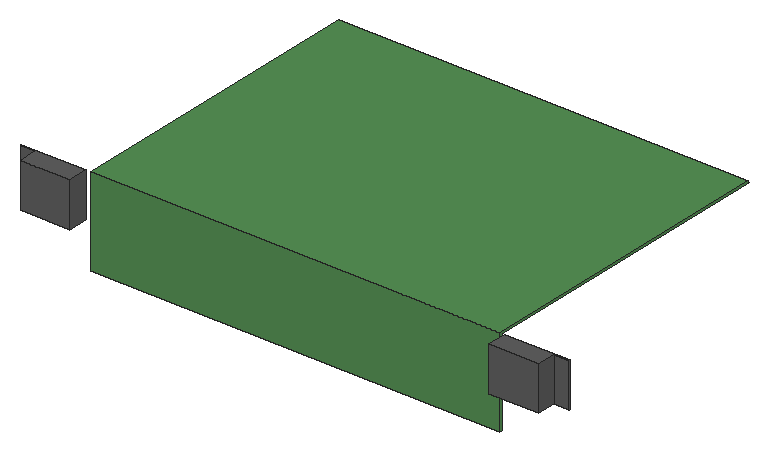
Revit family "CM", category Specialty Equipment, host Floor, Revit 2015
Parameters (values of type "7x6")
  URL = "http://kelleyentrematic.com/"
  Model = "CM"
  Manufacturer = "Kelley Entrematic"
  Description = "Mechanical Leveler"
  LipExtension = 0' - 0"
  PitWidth = 7' - 1"
  PitLength = 5' - 3"
  PitDepthR = PitDepth - 0' 0 1/2"  # 1' - 7 1/2"
  PitDepth = 1' - 8"
  LipLength = 1' - 6"
  Curb = 0' - 3"
Types (9): name | PitWidth | PitLength | PitDepthR | PitDepth
  6x6 | 6' - 1" | 5' - 3" | 1' - 7 1/2" | 1' - 8"
  6x8 | 6' - 1" | 7' - 3" | 1' - 7 1/2" | 1' - 8"
  6.5x6 | 6' - 7" | 5' - 3" | 1' - 7 1/2" | 1' - 8"
  6.5x8 | 6' - 7" | 7' - 3" | 1' - 7 1/2" | 1' - 8"
  7x6 | 7' - 1" | 5' - 3" | 1' - 7 1/2" | 1' - 8"
  7x8 | 7' - 1" | 7' - 3" | 1' - 7 1/2" | 1' - 8"
  6x10 | 6' - 1" | 9' - 3" | 1' - 11 1/2" | 2' - 0"
  6.5x10 | 6' - 7" | 9' - 3" | 1' - 11 1/2" | 2' - 0"
  7x10 | 7' - 1" | 9' - 3" | 1' - 11 1/2" | 2' - 0"
Reference planes (in)
  plane 1 "Center (Front/Back)": y = 0
  plane 2: z = 0
  plane 3 "Center (Left/Right)": x = 0
  plane 4 "Lip Width": y = -59.5
  plane 5 "pit right": x = 42.5
  plane 6 "Pit left": x = -42.5
  plane 7 "pit rear": y = 3
  plane 8 "curb angle left": x = -45.5
  plane 9: x = -41.5
  plane 10 "curb angle right": x = 45.5
  plane 11: x = 41.5
  plane 12 "curb angle rear": y = 6
  plane 13 "Curb angle - Front": y = -57
  plane 14 "Edge of Dock": y = -60
  plane 15: z = -0.5
  plane 16: z = -19.5
  plane 17: z = -20
  plane 18: y = -9
  plane 19: y = -48
  plane 20 "Lip Length": z = -18
  plane 21: x = 63.5
  plane 22: x = -63.5
  plane 23: z = -3
  plane 24: z = -23
  plane 25: z = 0
  plane 26: z = 0
  plane 27: x = -55.625
  plane 28: y = -60.25
  plane 29: x = -52.625
  plane 30: y = -64
  plane 31: x = 55.625
  plane 32: x = 52.625
  plane 33: z = -9
Forms (in)
  Extrusion 1, void
    sketch origin (0, 0, 0) x (0, 1, 0) y (0, 0, 1)
      loop
        line (3, 4) -> (-60, 4) -> (-60, -20) -> (-48, -20) -> (-9, -19.5) -> (3, -19.5) -> (3, 4)
    from -42.5 to 42.5
  Extrusion 2, solid, material "Kelly Diamond"
    sketch origin (0, 0, 0) x (1, 0, 0) y (0, 1, 0)
      loop
        line (-41.5, 3) -> (-41.5, -60) -> (41.5, -60) -> (41.5, 3) -> (-41.5, 3)
    from -0.5 to 0
  Extrusion 3, solid, material "Kelly Diamond"
    sketch origin (0, 0, 0) x (1, 0, 0) y (0, 0, 1)
      loop
        line (-41.5, 0) -> (-41.5, -18) -> (41.5, -18) -> (41.5, 0) -> (-41.5, 0)
    from 59.5 to 60
  Extrusion 4, solid, material "BUMPER"
    sketch origin (0, 0, 0) x (-1, 0, 0) y (0, -1, 0)
      loop
        line (42.5, 60) -> (55.625, 60) -> (55.625, 60.25) -> (52.625, 60.25) -> (52.625, 64) -> (42.5, 64) -> (42.5, 60)
      loop
        line (-42.5, 60) -> (-42.5, 64) -> (-52.625, 64) -> (-52.625, 60.25) -> (-55.625, 60.25) -> (-55.625, 60) -> (-42.5, 60)
    from -9 to 0
Cuts and joins
  joined: Extrusion 2, Extrusion 3
Lines and regions (in)
  model lines
    curve 1: line (-45.5, 6, 0) -> (45.5, 6, 0)
    curve 2: line (45.5, 6, 0) -> (45.5, 3, 0)
    curve 3: line (45.5, 3, 0) -> (-45.5, 3, 0)
    curve 4: line (-45.5, 3, 0) -> (-45.5, 6, 0)
    curve 5: line (-45.5, 3, 0) -> (-45.5, -57, 0)
    curve 6: line (-42.5, -57, 0) -> (-42.5, 3, 0)
    curve 7: line (-42.5, -57, 0) -> (-63.5, -57, 0)
    curve 8: line (-63.5, -57, 0) -> (-63.5, -60, 0)
    curve 9: line (-63.5, -60, 0) -> (-42.5, -60, 0)
    curve 10: line (45.5, 3, 0) -> (45.5, -57, 0)
    curve 11: line (42.5, -57, 0) -> (42.5, 3, 0)
    curve 12: line (42.5, -60, 0) -> (63.5, -60, 0)
    curve 13: line (63.5, -60, 0) -> (63.5, -57, 0)
    curve 14: line (63.5, -57, 0) -> (42.5, -57, 0)
    curve 15: line (-63.5, -60, 0) -> (-63.5, -60, -3)
    curve 16: line (-63.5, -60, -3) -> (-42.5, -60, -3)
    curve 17: line (-42.5, -60, -3) -> (-42.5, -60, 0)
    curve 18: line (-45.5, -60, -3) -> (-45.5, -60, -23)
    curve 19: line (-45.5, -60, -20) -> (-42.5, -60, -20)
    curve 20: line (-45.5, -60, -23) -> (45.5, -60, -23)
    curve 21: line (45.5, -60, -23) -> (45.5, -60, -3)
    curve 22: line (42.5, -60, -20) -> (45.5, -60, -20)
    curve 23: line (42.5, -60, -20) -> (42.5, -60, 0)
    curve 24: line (42.5, -60, -3) -> (63.5, -60, -3)
    curve 25: line (63.5, -60, -3) -> (63.5, -60, 0)
    curve 26: line (-42.5, -60, -3) -> (-42.5, -60, -20)
    curve 27: line (-42.5, -60, -20) -> (42.5, -60, -20)
    curve 28: line (-42.5, -57, 0) -> (-42.5, -60, 0)
    curve 29: line (42.5, -57, 0) -> (42.5, -60, 0)
Dimensions and locks (in)
  equal spacing: host sketch curve, plane 1 "Center (Front/Back)", host sketch curve
  equal spacing: host sketch curve, plane 3 "Center (Left/Right)", host sketch curve
  host sketch curve to host sketch curve = 10' - 0"  (x2)
  equal spacing: plane 6 "Pit left", plane 3 "Center (Left/Right)", plane 5 "pit right"
  "PitWidth": plane 6 "Pit left" to plane 5 "pit right"
  "PitLength": plane 14 "Edge of Dock" to plane 7 "pit rear"
  "Curb": plane 8 "curb angle left" to plane 6 "Pit left"
  locked: plane 6 "Pit left" to plane 9 at 1
  locked: plane 11 to plane 5 "pit right" at 1
  "Curb": plane 5 "pit right" to plane 10 "curb angle right"
  "Curb": plane 7 "pit rear" to plane 12 "curb angle rear"
  "Curb": plane 14 "Edge of Dock" to plane 13 "Curb angle - Front"
  "PitDepthR": level to plane 16
  "PitDepth": level to plane 17
  locked: plane 7 "pit rear" to plane 18 at 12
  locked: plane 19 to plane 14 "Edge of Dock" at 12
  "LipLength": level to plane 20 "Lip Length"
  locked: plane 22 to plane 6 "Pit left" at 21
  locked: plane 5 "pit right" to plane 21 at 21
  "LipExtension": plane 26 to level
  locked: plane 24 to plane 17 at 3
  locked: level to plane 15 at 0.5
  locked: plane 14 "Edge of Dock" to plane 4 "Lip Width" at 0.5
  Extrusion 1 to curve 20 = 2' - 3"
  locked: plane 29 to plane 6 "Pit left" at 10.125
  locked: plane 27 to plane 6 "Pit left" at 13.125
  locked: curve 9 to plane 28 at 0.25
  locked: plane 30 to curve 9 at 4
  locked: plane 5 "pit right" to plane 32 at 10.125
  locked: plane 5 "pit right" to plane 31 at 13.125
  locked: level to plane 33 at 9
  aligned and locked: level to plane 2
  aligned and locked: plane 14 "Edge of Dock" to host floor
  aligned and locked: plane 19 to Extrusion 1 sketch curve
  aligned and locked: plane 16 to Extrusion 1 sketch curve
  aligned and locked: Extrusion 1 sketch curve to plane 18
  aligned and locked: plane 17 to Extrusion 1 sketch curve
  aligned and locked: Extrusion 1 sketch curve to plane 14 "Edge of Dock"
  aligned and locked: Extrusion 1 to plane 6 "Pit left"
  aligned and locked: Extrusion 1 to plane 5 "pit right"
  aligned and locked: plane 7 "pit rear" to Extrusion 2 sketch curve
  aligned and locked: Extrusion 2 sketch curve to plane 9
  aligned and locked: Extrusion 2 sketch curve to plane 14 "Edge of Dock"
  aligned and locked: Extrusion 2 to plane 15
  aligned and locked: level to Extrusion 2
  aligned and locked: plane 20 "Lip Length" to Extrusion 3 sketch curve
  aligned and locked: Extrusion 3 sketch curve to plane 11
  aligned and locked: Extrusion 3 to plane 14 "Edge of Dock"
  aligned and locked: Extrusion 3 to plane 4 "Lip Width"
  aligned and locked: Extrusion 2 sketch curve to plane 11
  aligned and locked: curve 7 to plane 13 "Curb angle - Front"
  aligned and locked: curve 8 to plane 22
  aligned and locked: curve 5 to plane 8 "curb angle left"
  aligned and locked: plane 6 "Pit left" to curve 6
  aligned and locked: curve 3 to plane 7 "pit rear"
  aligned and locked: plane 12 "curb angle rear" to curve 1
  aligned and locked: curve 2 to plane 10 "curb angle right"
  aligned and locked: plane 5 "pit right" to curve 11
  aligned and locked: curve 10 to plane 10 "curb angle right"
  aligned and locked: curve 14 to plane 13 "Curb angle - Front"
  aligned and locked: plane 14 "Edge of Dock" to curve 12
  aligned and locked: curve 13 to plane 21
  aligned and locked: plane 24 to curve 18
  aligned and locked: curve 16 to plane 23
  aligned and locked: curve 15 to plane 22
  aligned and locked: plane 6 "Pit left" to curve 17
  aligned and locked: curve 22 to plane 5 "pit right"
  aligned and locked: curve 21 to plane 10 "curb angle right"
  aligned and locked: curve 22 to plane 17
  aligned and locked: curve 25 to plane 21
  aligned and locked: curve 19 to curve 27
  aligned and locked: curve 9 to plane 14 "Edge of Dock"
  aligned and locked: plane 26 to Extrusion 3 sketch curve
  aligned and locked: plane 23 to curve 24
  aligned and locked: cut or joined group of Extrusion 2, Extrusion 3 to plane 7 "pit rear"
  aligned and locked: Extrusion 4 sketch curve to plane 6 "Pit left"
  aligned and locked: plane 30 to Extrusion 4 sketch curve
  aligned and locked: Extrusion 4 sketch curve to plane 29
  aligned and locked: Extrusion 4 sketch curve to plane 28  (x2)
  aligned and locked: Extrusion 4 sketch curve to plane 27
  aligned and locked: Extrusion 4 sketch curve to curve 9
  aligned and locked: Extrusion 4 sketch curve to plane 30
  aligned and locked: Extrusion 4 sketch curve to curve 12
  aligned and locked: Extrusion 4 sketch curve to plane 5 "pit right"
  aligned and locked: plane 32 to Extrusion 4 sketch curve
  aligned and locked: Extrusion 4 sketch curve to plane 31
  aligned and locked: level to Extrusion 4
  aligned and locked: plane 33 to Extrusion 4
Automatic sketch dimensions
  level to Extrusion 1 sketch curve = 0' - 4"
  Extrusion 1 sketch curve to plane 7 "pit rear" = 0' - 0"
  curve 25 to level = 0' - 0"
  curve 18 to plane 23 = 0' - 0"
  curve 23 to level = 0' - 0"
  curve 17 to level = 0' - 0"
  curve 15 to level = 0' - 0"
  curve 27 to plane 17 = 0' - 0"
  plane 8 "curb angle left" to curve 20 = 0' - 0"
  plane 21 to curve 25 = 0' - 0"
  plane 9 to Extrusion 3 sketch curve = 0' - 0"
